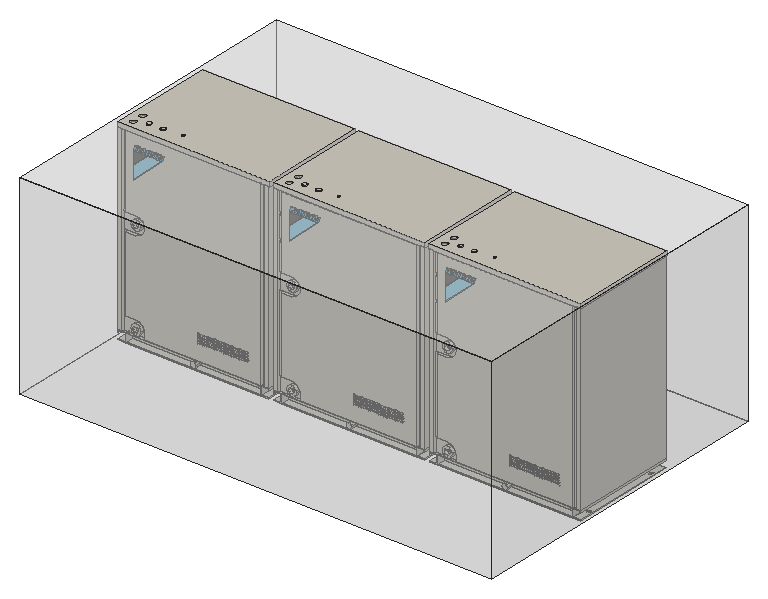
Revit family "outputfile", category 機械設備, Revit 2024
Family settings
  丸型コネクタ寸法 = 半径を使用
  種別 = なし
  パーツ タイプ = 標準
  OmniClass 番号 = 23.75.10.24.21.27.27
  OmniClass タイトル = Split System Air Conditioning Units
  作業面ベース = いいえ
  常に垂直 = はい
  ロード時にボイドで切り取り = いいえ
  注釈の向きを維持 = いいえ
  共有 = いいえ
  部屋計算ポイント = いいえ
Parameters (values of type "RWEYQ28TY1S")
  製造元 = "Daikin"
  書き出し IFC クラス(タイプ) = "IfcUnitaryEquipmentType"
  定義済み IFC タイプ(タイプ) = "AIRCONDITIONINGUNIT"
  モデル = "RWEYQ28TY1S"
  w_unit3 = 780.0 mm
  w_unit2 = 780.0 mm
  w_unit1 = 780.0 mm
  switch_unit3_6-8 [instance] = if(Reverse_ModuleSequence, if(default_unit1 = 1, 1 = 1, 1 = 0), if(default_unit3 = 1, 1 = 1, 1 = 0))  # yes
  switch_unit3_12 [instance] = if(Reverse_ModuleSequence, if(default_unit1 = 3, 1 = 1, 1 = 0), if(default_unit3 = 3, 1 = 1, 1 = 0))  # no
  switch_unit3_10 [instance] = if(Reverse_ModuleSequence, if(default_unit1 = 2, 1 = 1, 1 = 0), if(default_unit3 = 2, 1 = 1, 1 = 0))  # no
  switch_unit2_6-8 [instance] = if(default_unit2 = 1, 1 = 1, 1 = 0)  # no
  switch_unit2_12 [instance] = if(default_unit2 = 3, 1 = 1, 1 = 0)  # no
  switch_unit2_10 [instance] = if(default_unit2 = 2, 1 = 1, 1 = 0)  # yes
  switch_unit1_6-8 [instance] = if(Reverse_ModuleSequence, if(default_unit3 = 1, 1 = 1, 1 = 0), if(default_unit1 = 1, 1 = 1, 1 = 0))  # no
  switch_unit1_12 [instance] = if(Reverse_ModuleSequence, if(default_unit3 = 3, 1 = 1, 1 = 0), if(default_unit1 = 3, 1 = 1, 1 = 0))  # no
  switch_unit1_10 [instance] = if(Reverse_ModuleSequence, if(default_unit3 = 2, 1 = 1, 1 = 0), if(default_unit1 = 2, 1 = 1, 1 = 0))  # yes
  default_Water Outlet Pipe Connection_Unit 3 = 31.8 mm
  default_Water Outlet Pipe Connection_Unit 2 = 31.8 mm
  default_Water Outlet Pipe Connection_Unit 1 = 31.8 mm
  default_Water Inlet Pipe Connection_Unit 3 = 31.8 mm
  default_Water Inlet Pipe Connection_Unit 2 = 31.8 mm
  default_Water Inlet Pipe Connection_Unit 1 = 31.8 mm
  angle_Drain [instance] = if(Rear Connection_Drain, 180.00°, 0.00°)  # 0.00°
  r_Water Outlet Pipe Connection_unit3 [instance] = Water Outlet Pipe Connection_Unit3 / 2  # 15.9 mm
  r_Water Outlet Pipe Connection_unit2 [instance] = Water Outlet Pipe Connection_Unit2 / 2  # 15.9 mm
  r_Water Outlet Pipe Connection_unit1 [instance] = Water Outlet Pipe Connection_Unit1 / 2  # 15.9 mm
  r_Water Inlet Pipe Connection_unit3 [instance] = Water Inlet Pipe Connection_Unit3 / 2  # 15.9 mm
  r_Water Inlet Pipe Connection_unit2 [instance] = Water Inlet Pipe Connection_Unit2 / 2  # 15.9 mm
  r_Water Inlet Pipe Connection_unit1 [instance] = Water Inlet Pipe Connection_Unit1 / 2  # 15.9 mm
  r_Liquid Pipe Size_unit3 [instance] = Liquid Pipe Size_Unit 3 / 2  # 4.75 mm
  r_Liquid Pipe Size_unit2 [instance] = Liquid Pipe Size_Unit 2 / 2  # 4.75 mm
  r_HP/LP Gas Pipe Size_unit3 [instance] = [HP/LP Gas Pipe Size_Unit 3] / 2  # 9.55 mm
  r_HP/LP Gas Pipe Size_unit2 [instance] = [HP/LP Gas Pipe Size_Unit 2] / 2  # 11.1 mm
  r_HP/LP Gas Pipe Size_unit1 [instance] = [HP/LP Gas Pipe Size_Unit 1] / 2  # 11.1 mm
  r_Gas Pipe Size_unit3 [instance] = Gas Pipe Size_Unit 3 / 2  # 9.55 mm
  r_Gas Pipe Size_unit2 [instance] = Gas Pipe Size_Unit 2 / 2  # 11.1 mm
  r_Drain Pipe Size = Drain Pipe Size / 2  # 6.35 mm
  lw_powersupply3 = 51.0 mm
  lw_powersupply2 = 51.0 mm
  lw_liquidpipe3 = 274.0 mm
  lw_liquidpipe2 = 274.0 mm
  lw_gaspipe3 [instance] = if(Heat Pump, 107.0 mm, 178.0 mm)  # 107.0 mm
  lw_gaspipe2 [instance] = if(Heat Pump, 107.0 mm, 178.0 mm)  # 107.0 mm
  lw_Water Outlet3 = 95.0 mm
  lw_Water Outlet2 = 95.0 mm
  lw_Water Outlet1 = 95.0 mm
  lw_Water Inlet3 = 95.0 mm
  lw_Water Inlet2 = 95.0 mm
  lw_Water Inlet1 = 95.0 mm
  lw_HP/LP Gas Pipe3 [instance] = if(Heat Pump, 178.0 mm, 107.0 mm)  # 178.0 mm
  lw_HP/LP Gas Pipe2 [instance] = if(Heat Pump, 178.0 mm, 107.0 mm)  # 178.0 mm
  lw_HP/LP Gas Pipe1 [instance] = if(Heat Pump, 178.0 mm, 107.0 mm)  # 178.0 mm
  lw_Drain3 = 390.0 mm
  lw_Drain2 = 390.0 mm
  lw_Drain1 = 390.0 mm
  ld_HP/LP Gas Pipe = 69.0 mm
  h_mountinghole = [h_***] + 2.3 mm  # 2.3 mm
  r_Liquid Pipe Size_unit1 [instance] = Liquid Pipe Size_Unit 1 / 2  # 4.75 mm
  r_Gas Pipe Size_unit1 [instance] = Gas Pipe Size_Unit 1 / 2  # 11.1 mm
  distance_unit2-3 [instance] = 20.0 mm
  distance_unit1-2 [instance] = 20.0 mm
  default_unit3 = 1
  default_unit2 = 2
  default_unit1 = 2
  default_Model_Unit 3 = "RWEYQ8TY1S"
  default_Model_Unit 2 = "RWEYQ10TY1S"
  default_Model_Unit 1 = "RWEYQ10TY1S"
  default_Liquid Pipe Size_Unit 3 = 9.5 mm
  default_Liquid Pipe Size_Unit 2 = 9.5 mm
  default_Liquid Pipe Size_Unit 1 = 9.5 mm
  default_HP/LP Gas Pipe Size_Unit 3 [instance] = if(and(Heat Pump, [switch_unit3_6-8]), 19.1 mm, if(and(Heat Pump, switch_unit3_10), 22.2 mm, if(and(Heat Pump, switch_unit3_12), 22.2 mm, if(and(Heat Recovery, [switch_unit3_6-8]), 15.9 mm, if(and(Heat Recovery, switch_unit3_10), 19.1 mm, if(and(Heat Recovery, switch_unit3_12), 19.1 mm, 19.1 mm))))))  # 19.1 mm
  default_HP/LP Gas Pipe Size_Unit 2 [instance] = if(and(Heat Pump, [switch_unit2_6-8]), 19.1 mm, if(and(Heat Pump, switch_unit2_10), 22.2 mm, if(and(Heat Pump, switch_unit2_12), 22.2 mm, if(and(Heat Recovery, [switch_unit2_6-8]), 15.9 mm, if(and(Heat Recovery, switch_unit2_10), 19.1 mm, if(and(Heat Recovery, switch_unit2_12), 19.1 mm, 19.1 mm))))))  # 22.2 mm
  default_HP/LP Gas Pipe Size_Unit 1 [instance] = if(and(Heat Pump, [switch_unit1_6-8]), 19.1 mm, if(and(Heat Pump, switch_unit1_10), 22.2 mm, if(and(Heat Pump, switch_unit1_12), 22.2 mm, if(and(Heat Recovery, [switch_unit1_6-8]), 15.9 mm, if(and(Heat Recovery, switch_unit1_10), 19.1 mm, if(and(Heat Recovery, switch_unit1_12), 19.1 mm, 19.1 mm))))))  # 22.2 mm
  default_Gas Pipe Size_Unit 3 = 19.1 mm
  default_Gas Pipe Size_Unit 2 = 22.2 mm
  default_Gas Pipe Size_Unit 1 = 22.2 mm
  Water Outlet Pipe Connection_Unit3 [instance] = if(Reverse_ModuleSequence, default_Water Outlet Pipe Connection_Unit 1, default_Water Outlet Pipe Connection_Unit 3)  # 31.8 mm
  Water Outlet Pipe Connection_Unit2 [instance] = if(Reverse_ModuleSequence, default_Water Inlet Pipe Connection_Unit 2, default_Water Inlet Pipe Connection_Unit 2)  # 31.8 mm
  Water Outlet Pipe Connection_Unit1 [instance] = if(Reverse_ModuleSequence, default_Water Outlet Pipe Connection_Unit 3, default_Water Outlet Pipe Connection_Unit 1)  # 31.8 mm
  Water Inlet Pipe Connection_Unit3 [instance] = if(Reverse_ModuleSequence, default_Water Inlet Pipe Connection_Unit 1, default_Water Inlet Pipe Connection_Unit 3)  # 31.8 mm
  Water Inlet Pipe Connection_Unit2 [instance] = if(Reverse_ModuleSequence, default_Water Outlet Pipe Connection_Unit 2, default_Water Outlet Pipe Connection_Unit 2)  # 31.8 mm
  Water Inlet Pipe Connection_Unit1 [instance] = if(Reverse_ModuleSequence, default_Water Inlet Pipe Connection_Unit 3, default_Water Inlet Pipe Connection_Unit 1)  # 31.8 mm
  Voltage_comment_50Hz = "380-415"
  Voltage_50Hz = 400 V
  Top Connection_powersupply2 [instance] = not(Top Connection_powersupply1)  # no
  Sound Power Level (dB) = 76
  Reverse_ModuleSequence [instance] = no
  Rear Connection_Drain [instance] = not(Front Connection_Drain)  # no
  Power Input (Heating) = 15.200 kW
  Phase_50Hz = 3
  Nominal Heating Capacity = 88.000 kW
  Model_Unit 3 [instance] = if(Reverse_ModuleSequence, default_Model_Unit 1, default_Model_Unit 3)  # "RWEYQ8TY1S"
  Model_Unit 2 [instance] = if(Reverse_ModuleSequence, default_Model_Unit 2, default_Model_Unit 2)  # "RWEYQ10TY1S"
  Model_Unit 1 [instance] = if(Reverse_ModuleSequence, default_Model_Unit 3, default_Model_Unit 1)  # "RWEYQ10TY1S"
  Minimum Circuit Amps_50Hz = 40.9 A
  Maximum Fuse Amps_50Hz = 45.0 A
  Material_Heat Exchanger = DAIKIN_Blue_HE_outdoorunit
  Material_Casing = DAIKIN_IvoryWhite_Casing_outdoorunit
  lw_powersupply1 = 51.0 mm
  lw_liquidpipe1 = 274.0 mm
  lw_gaspipe1 [instance] = if(Heat Pump, 107.0 mm, 178.0 mm)  # 107.0 mm
  lh_powersupply = 940.0 mm
  ld_powersupply [instance] = if(Top Connection_powersupply1, 38.0 mm, 98.0 mm)  # 38.0 mm
  ld_liquidpipe = 79.0 mm
  ld_gaspipe = 69.0 mm
  h_*** = 0.0 mm
  Width [instance] = [distance_unit1-2] + [distance_unit2-3] + w_unit1 + w_unit2 + w_unit3  # 2380.0 mm
  Version = "ver.1.0"
  Unit Type = ""
  Unit Mass Weight = 440.00 kg
  Unit Designation [instance] = ""
  Uniclass2015Version = "Products v1.30"
  Uniclass2015Title = "Variable refrigerant flow units"
  Uniclass2015Code = "Pr_70_65_03_94"
  Total Cooling Capacity [instance] = 0.000 kW
  Sound Pressure Level (dBA) = 56
  Series = "VRV Heat Recovery"
  Refrigerant_Base Charge = 11.900 kg
  Refrigerant_Additional Charge [instance] = 0.000 kg
  Refrigerant Type = "R410A"
  Power Input (Cooling) = 14.700 kW
  Option Accessory 3 [instance] = ""
  Option Accessory 2 [instance] = ""
  Option Accessory 1 [instance] = ""
  Nominal Cooling Capacity = 78.400 kW
  Load Classification = HVAC
  Liquid Pipe Size_Unit 3 [instance] = if(Reverse_ModuleSequence, default_Liquid Pipe Size_Unit 1, default_Liquid Pipe Size_Unit 3)  # 9.5 mm
  Liquid Pipe Size_Unit 2 [instance] = if(Reverse_ModuleSequence, default_Liquid Pipe Size_Unit 2, default_Liquid Pipe Size_Unit 2)  # 9.5 mm
  Liquid Pipe Size_Unit 1 [instance] = if(Reverse_ModuleSequence, default_Liquid Pipe Size_Unit 3, default_Liquid Pipe Size_Unit 1)  # 9.5 mm
  Link_Nested Family [instance] = ""
  Intermediate Liquid Pipe Size_Unit1-2 = 15.9 mm
  Intermediate HP/LP Gas Pipe Size_Unit1-2 = 22.2 mm
  Intermediate Gas Pipe Size_Unit1-2 = 28.6 mm
  IfcVersion = ""
  IfcExportType = "AIRCONDITIONINGUNIT"
  IfcExportAs = "IfcUnitaryEquipmentType"
  Height = 1000.0 mm
  Heat Recovery [instance] = not(Heat Pump)  # no
  Heat Pump [instance] = yes
  Heat Exchanger Type = "Stainless Steel Plate"
  HP/LP Gas Pipe Size_Unit 3 [instance] = [default_HP/LP Gas Pipe Size_Unit 3]  # 19.1 mm
  HP/LP Gas Pipe Size_Unit 2 [instance] = [default_HP/LP Gas Pipe Size_Unit 2]  # 22.2 mm
  HP/LP Gas Pipe Size_Unit 1 [instance] = [default_HP/LP Gas Pipe Size_Unit 1]  # 22.2 mm
  Gas Pipe Size_Unit 3 [instance] = if(Reverse_ModuleSequence, default_Gas Pipe Size_Unit 1, default_Gas Pipe Size_Unit 3)  # 19.1 mm
  Gas Pipe Size_Unit 2 [instance] = if(Reverse_ModuleSequence, default_Gas Pipe Size_Unit 2, default_Gas Pipe Size_Unit 2)  # 22.2 mm
  Gas Pipe Size_Unit 1 [instance] = if(Reverse_ModuleSequence, default_Gas Pipe Size_Unit 3, default_Gas Pipe Size_Unit 1)  # 22.2 mm
  Top Connection_powersupply1 [instance] = yes
  Front Connection_Drain [instance] = yes
  Frequency_50Hz = 50 Hz
  Drain Pipe Size = 12.7 mm
  Depth = 550.0 mm
  既定の高さ = 0.0 mm
  Cooling Ambient Wet Bulb Temperature [instance] = 0.00 °C
  Cooling Ambient Dry Bulb Temperature [instance] = 0.00 °C
  Compressor Type = "Hermetically Sealed Scroll Type"
  Clearance visibility [instance] = yes
  Clearance Top = 0.0 mm
  Clearance Right = 20.0 mm
  Clearance Rear = 500.0 mm
  Clearance Left = 20.0 mm
  Clearance Front = 600.0 mm
  Clearance Bottom = 0.0 mm
  CU Tag No. [instance] = ""
Reference planes
  plane 1 "Center (Front/Back)": y = 0
  plane 2 "h_***": z = 0
  plane 3 "Center (Left/Right)": x = 0
  plane 4 "Back": y = 275
  plane 5 "Front": y = -275
  plane 6 "Left": x = -390
  plane 7 "w_unit1": x = 390
  plane 8 "Top": z = 1000
  plane 9 "Clearance Rear": y = 775
  plane 10 "Clearance Front": y = -875
  plane 11 "Clearance Left": x = -410
  plane 12 "Clearance Right": x = 2010
  plane 13 "Clearance Top": z = 1000
  plane 14 "Clearance Bottom": z = 0
  plane 15 "Bottom": z = 0
  plane 16 "lw_powersupply1": x = -339
  plane 17 "ld_powersupply": y = -237
  plane 18 "lw_liquidpipe1": x = -116
  plane 19 "Rear Connection_refrigetant": y = -196
  plane 20 "lw_gaspipe1": x = -283
  plane 21 "ld_gaspipe": y = -206
  plane 22 "lh_logo": z = 900
  plane 23 "lw_logo": x = 100
  plane 24 "lh_powersupply": z = 940
  plane 25 "lw_HP/LP Gas Pipe1": x = -212
  plane 26 "ld_HP/LP Gas Pipe": y = -206
  plane 27 "l_unit2": x = 410
  plane 28 "w_unit2": x = 1190
  plane 29 "lw_powersupply2": x = 461
  plane 30 "lw_liquidpipe2": x = 684
  plane 31 "lw_gaspipe2": x = 517
  plane 32 "lw_HP/LP Gas Pipe2": x = 588
  plane 33 "Right": x = 1990
  plane 34 "叴": x = 1210
  plane 35 "叵": x = 1261
  plane 36 "叶": x = 1484
  plane 37 "号": x = 1317
  plane 38 "司": x = 1388
  plane 39 "lw_Water Inlet1": x = -295
  plane 40 "lw_Water Inlet2": x = 505
  plane 41 "lw_Water Inlet3": x = 1305
  plane 42 "lw_Water Outlet1": x = -295
  plane 43 "lw_Water Outlet2": x = 505
  plane 44 "lw_Water Outlet3": x = 1305
  plane 45 "lw_Drain1": x = 0
  plane 46 "lw_Drain2": x = 800
  plane 47 "lw_Drain3": x = 1600
Dimensions and locks
  equal spacing: plane 4 "Back", plane 1 "Center (Front/Back)", plane 5 "Front"
  "Depth": plane 4 "Back" to plane 5 "Front"
  equal spacing: plane 6 "Left", plane 3 "Center (Left/Right)", plane 7 "w_unit1"
  "w_unit1": plane 6 "Left" to plane 7 "w_unit1"
  "Clearance Rear": plane 9 "Clearance Rear" to plane 4 "Back"
  "Clearance Front": plane 10 "Clearance Front" to plane 5 "Front"
  "Clearance Left": plane 11 "Clearance Left" to plane 6 "Left"
  "Clearance Top": plane 13 "Clearance Top" to plane 8 "Top"
  "h_***": plane 15 "Bottom" to plane 2 "h_***"
  "Height": plane 8 "Top" to plane 15 "Bottom"
  "Clearance Bottom": plane 15 "Bottom" to plane 14 "Clearance Bottom"
  "ld_powersupply": plane 17 "ld_powersupply" to plane 5 "Front"
  "ld_liquidpipe": plane 19 "Rear Connection_refrigetant" to plane 5 "Front"
  "ld_gaspipe": plane 21 "ld_gaspipe" to plane 5 "Front"
  locked: plane 23 "lw_logo" to plane 7 "w_unit1" at 290
  locked: plane 22 "lh_logo" to plane 15 "Bottom" at 900
  "lw_gaspipe1": plane 6 "Left" to plane 20 "lw_gaspipe1"
  "lw_liquidpipe1": plane 6 "Left" to plane 18 "lw_liquidpipe1"
  "lw_powersupply1": plane 6 "Left" to plane 16 "lw_powersupply1"
  "lh_powersupply": plane 24 "lh_powersupply" to plane 15 "Bottom"
  "lw_HP/LP Gas Pipe1": plane 6 "Left" to plane 25 "lw_HP/LP Gas Pipe1"
  "ld_HP/LP Gas Pipe": plane 26 "ld_HP/LP Gas Pipe" to plane 5 "Front"
  "distance_unit1-2": plane 7 "w_unit1" to plane 27 "l_unit2"
  "lw_powersupply2": plane 27 "l_unit2" to plane 29 "lw_powersupply2"
  "lw_HP/LP Gas Pipe2": plane 27 "l_unit2" to plane 32 "lw_HP/LP Gas Pipe2"
  "lw_gaspipe2": plane 27 "l_unit2" to plane 31 "lw_gaspipe2"
  "lw_liquidpipe2": plane 27 "l_unit2" to plane 30 "lw_liquidpipe2"
  "w_unit2": plane 27 "l_unit2" to plane 28 "w_unit2"
  "distance_unit2-3": plane 28 "w_unit2" to plane 34 "叴"
  "Width": plane 6 "Left" to plane 33 "Right"
  "Clearance Right": plane 33 "Right" to plane 12 "Clearance Right"
  "lw_powersupply3": plane 34 "叴" to plane 35 "叵"
  "lw_HP/LP Gas Pipe3": plane 34 "叴" to plane 38 "司"
  "lw_gaspipe3": plane 34 "叴" to plane 37 "号"
  "lw_liquidpipe3": plane 34 "叴" to plane 36 "叶"
  "lw_Water Inlet1": plane 6 "Left" to plane 39 "lw_Water Inlet1"
  "lw_Water Inlet2": plane 27 "l_unit2" to plane 40 "lw_Water Inlet2"
  "lw_Water Inlet3": plane 34 "叴" to plane 41 "lw_Water Inlet3"
  "lw_Water Outlet1": plane 6 "Left" to plane 42 "lw_Water Outlet1"
  "lw_Water Outlet2": plane 27 "l_unit2" to plane 43 "lw_Water Outlet2"
  "lw_Water Outlet3": plane 34 "叴" to plane 44 "lw_Water Outlet3"
  "lw_Drain1": plane 6 "Left" to plane 45 "lw_Drain1"
  "lw_Drain2": plane 27 "l_unit2" to plane 46 "lw_Drain2"
  "lw_Drain3": plane 34 "叴" to plane 47 "lw_Drain3"
  aligned and locked: level to plane 2 "h_***"
  aligned and locked: nested 2 to plane 9 "Clearance Rear"
  aligned and locked: nested 2 to plane 10 "Clearance Front"
  aligned and locked: plane 11 "Clearance Left" to nested 2
  aligned and locked: plane 12 "Clearance Right" to nested 2
  aligned and locked: nested 2 to plane 13 "Clearance Top"
  aligned and locked: nested 2 to plane 14 "Clearance Bottom"
  aligned and locked: plane 8 "Top" to nested 1
  aligned and locked: plane 22 "lh_logo" to nested 7
  aligned and locked: nested 8 to plane 16 "lw_powersupply1"
  aligned and locked: nested 9 to plane 20 "lw_gaspipe1"
  aligned and locked: nested 10 to plane 18 "lw_liquidpipe1"
  aligned and locked: nested 10 to plane 19 "Rear Connection_refrigetant"
  aligned and locked: nested 9 to plane 21 "ld_gaspipe"
  aligned and locked: nested 8 to plane 17 "ld_powersupply"
  aligned and locked: plane 5 "Front" to nested 7
  aligned and locked: plane 24 "lh_powersupply" to nested 8
  aligned and locked: plane 27 "l_unit2" to nested 11
  aligned and locked: nested 17 to plane 29 "lw_powersupply2"
  aligned and locked: nested 17 to plane 17 "ld_powersupply"
  aligned and locked: nested 18 to plane 31 "lw_gaspipe2"
  aligned and locked: nested 18 to plane 26 "ld_HP/LP Gas Pipe"
  aligned and locked: plane 1 "Center (Front/Back)" to nested 20
  aligned and locked: plane 34 "叴" to nested 20
  aligned and locked: nested 27 to plane 35 "叵"
  aligned and locked: nested 28 to plane 37 "号"
  aligned and locked: nested 26 to plane 36 "叶"
  aligned and locked: plane 17 "ld_powersupply" to nested 27
  aligned and locked: plane 21 "ld_gaspipe" to nested 28
  aligned and locked: plane 19 "Rear Connection_refrigetant" to nested 26
  aligned and locked: nested 27 to plane 24 "lh_powersupply"
  aligned and locked: plane 39 "lw_Water Inlet1" to nested 29
  aligned and locked: plane 40 "lw_Water Inlet2" to nested 30
  aligned and locked: plane 41 "lw_Water Inlet3" to nested 31
  aligned and locked: plane 42 "lw_Water Outlet1" to nested 32
  aligned and locked: plane 43 "lw_Water Outlet2" to nested 33
  aligned and locked: plane 44 "lw_Water Outlet3" to nested 34
  aligned and locked: plane 45 "lw_Drain1" to nested 35
  aligned and locked: plane 46 "lw_Drain2" to nested 36
  aligned and locked: plane 47 "lw_Drain3" to nested 37
  aligned and locked: plane 1 "Center (Front/Back)" to nested 29
  aligned and locked: plane 1 "Center (Front/Back)" to nested 32
  aligned and locked: plane 1 "Center (Front/Back)" to nested 31
  aligned and locked: plane 1 "Center (Front/Back)" to nested 30
  aligned and locked: plane 1 "Center (Front/Back)" to nested 33
  aligned and locked: plane 1 "Center (Front/Back)" to nested 35
  aligned and locked: plane 1 "Center (Front/Back)" to nested 34
  aligned and locked: plane 1 "Center (Front/Back)" to nested 37
  aligned and locked: plane 1 "Center (Front/Back)" to nested 36
  aligned and locked: plane 25 "lw_HP/LP Gas Pipe1" to nested 38
  aligned and locked: plane 32 "lw_HP/LP Gas Pipe2" to nested 39
  aligned and locked: plane 38 "司" to nested 40
  aligned and locked: nested 38 to plane 26 "ld_HP/LP Gas Pipe"
  aligned and locked: nested 39 to plane 26 "ld_HP/LP Gas Pipe"
  aligned and locked: plane 26 "ld_HP/LP Gas Pipe" to nested 40
Nested families
  nested 1: "DAIKIN_outdoorunit_RWEYQ-TY1S" at (-31, 0, 0), h_*** <- "h_***", Link_Nest <- "Link_Nested Family", h_mountinghole <- "h_mountinghole", Width <- "w_unit1", switch_unit1_6-8 <- "switch_unit1_6-8", switch_unit1_10 <- "switch_unit1_10", switch_unit1_12 <- "switch_unit1_12", type "RWEYQ-TY1S"
    with switch_unit1_6-8 no, switch_unit1_12 no, switch_unit1_10 yes, show_fixedhole yes, h_mountinghole 2.3 mm, h_antenna_mountinghole 998.7 mm, h_*** 0.0 mm, array_bolt 5, Width 780.0 mm, Liquid Pipe Size_Unit 1 9.5 mm, Link_Nest "", HP/LP Pipe Size_Unit 1 22.2 mm, Gas Pipe Size_Unit 1 22.2 mm
  nested 2: "daikin_clearancespace" at (800, -50, 500.119), visible <- "Clearance visibility", show <- "Clearance visibility", Link_Nested Family <- "Link_Nested Family", type "daikin_clearancespace"
    with width 2420.0 mm, show yes, height 1000.0 mm, depth 1650.0 mm, Link_Nested Family ""
  nested 3: "daikin_mountinghole" at (-372, 200, 0), type "daikin_mountinghole"
    with show yes, l_antenna 998.7 mm, h_mountinghole 2.3 mm, Link_Nested Family ""
  nested 4: "daikin_mountinghole" at (372, 200, 0), type "daikin_mountinghole"
    with show yes, l_antenna 998.7 mm, h_mountinghole 2.3 mm, Link_Nested Family ""
  nested 5: "daikin_mountinghole" at (-372, -200, 0), type "daikin_mountinghole"
    with show yes, l_antenna 998.7 mm, h_mountinghole 2.3 mm, Link_Nested Family ""
  nested 6: "daikin_mountinghole" at (372, -200, 0), type "daikin_mountinghole"
    with show yes, l_antenna 998.7 mm, h_mountinghole 2.3 mm, Link_Nested Family ""
  nested 7: "daikin_logo_elevation_w150" at (-212.5, -275, 744.568), type "daikin_logo_elevation_w150"
    with show_logo yes
  nested 8: "daikin_connector_rotate3" at (-339, -237, 940) x (-1, 0, 0) z (0, 0, -1), type "daikin_connector_rotate3"
    with show no, radius 10.0 mm, length 60.0 mm, angle_vertical 0.00°, angle_horizontal 0.00°
  nested 9: "daikin_connector_rotate3" at (-283, -206, 940) x (-1, 0, 0) z (0, 0, -1), radius <- "r_Gas Pipe Size_unit1", type "daikin_connector_rotate3"
    with show no, radius 11.1 mm, length 60.0 mm, angle_vertical 0.00°, angle_horizontal 0.00°
  nested 10: "daikin_connector_rotate3" at (-116, -196, 940) x (-1, 0, 0) z (0, 0, -1), radius <- "r_Liquid Pipe Size_unit1", type "daikin_connector_rotate3"
    with show no, radius 4.75 mm, length 60.0 mm, angle_vertical 0.00°, angle_horizontal 0.00°
  nested 11: "DAIKIN_outdoorunit_RWEYQ-TY1S" at (769, 0, 0), Width <- "w_unit2", switch_unit1_6-8 <- "switch_unit2_6-8", switch_unit1_10 <- "switch_unit2_10", switch_unit1_12 <- "switch_unit2_12", type "RWEYQ-TY1S"
    with switch_unit1_6-8 no, switch_unit1_12 no, switch_unit1_10 yes, show_fixedhole yes, h_mountinghole 2.3 mm, h_antenna_mountinghole 998.7 mm, h_*** 0.0 mm, array_bolt 5, Width 780.0 mm, Liquid Pipe Size_Unit 1 9.5 mm, Link_Nest "", HP/LP Pipe Size_Unit 1 22.2 mm, Gas Pipe Size_Unit 1 22.2 mm
  nested 12: "daikin_mountinghole" at (428, 200, 0), type "daikin_mountinghole"
    with show yes, l_antenna 998.7 mm, h_mountinghole 2.3 mm, Link_Nested Family ""
  nested 13: "daikin_mountinghole" at (1172, 200, 0), type "daikin_mountinghole"
    with show yes, l_antenna 998.7 mm, h_mountinghole 2.3 mm, Link_Nested Family ""
  nested 14: "daikin_mountinghole" at (428, -200, 0), type "daikin_mountinghole"
    with show yes, l_antenna 998.7 mm, h_mountinghole 2.3 mm, Link_Nested Family ""
  nested 15: "daikin_mountinghole" at (1172, -200, 0), type "daikin_mountinghole"
    with show yes, l_antenna 998.7 mm, h_mountinghole 2.3 mm, Link_Nested Family ""
  nested 16: "daikin_connector_rotate3" at (684, -196, 940) x (-1, 0, 0) z (0, 0, -1), radius <- "r_Liquid Pipe Size_unit2", type "daikin_connector_rotate3"
    with show no, radius 4.75 mm, length 60.0 mm, angle_vertical 0.00°, angle_horizontal 0.00°
  nested 17: "daikin_connector_rotate3" at (461, -237, 940) x (-1, 0, 0) z (0, 0, -1), type "daikin_connector_rotate3"
    with show no, radius 10.0 mm, length 60.0 mm, angle_vertical 0.00°, angle_horizontal 0.00°
  nested 18: "daikin_connector_rotate3" at (517, -206, 940) x (-1, 0, 0) z (0, 0, -1), radius <- "r_Gas Pipe Size_unit2", type "daikin_connector_rotate3"
    with show no, radius 11.1 mm, length 60.0 mm, angle_vertical 0.00°, angle_horizontal 0.00°
  nested 19: "daikin_logo_elevation_w150" at (587.5, -275, 744.568), type "daikin_logo_elevation_w150"
    with show_logo yes
  nested 20: "DAIKIN_outdoorunit_RWEYQ-TY1S" at (1569, 0, 0), switch_unit1_6-8 <- "switch_unit3_6-8", switch_unit1_10 <- "switch_unit3_10", switch_unit1_12 <- "switch_unit3_12", Width <- "w_unit3", type "RWEYQ-TY1S"
    with switch_unit1_6-8 yes, switch_unit1_12 no, switch_unit1_10 no, show_fixedhole yes, h_mountinghole 2.3 mm, h_antenna_mountinghole 998.7 mm, h_*** 0.0 mm, array_bolt 5, Width 780.0 mm, Liquid Pipe Size_Unit 1 9.5 mm, Link_Nest "", HP/LP Pipe Size_Unit 1 19.1 mm, Gas Pipe Size_Unit 1 19.1 mm
  nested 21: "daikin_mountinghole" at (1228, 200, 0), type "daikin_mountinghole"
    with show yes, l_antenna 998.7 mm, h_mountinghole 2.3 mm, Link_Nested Family ""
  nested 22: "daikin_mountinghole" at (1972, 200, 0), type "daikin_mountinghole"
    with show yes, l_antenna 998.7 mm, h_mountinghole 2.3 mm, Link_Nested Family ""
  nested 23: "daikin_mountinghole" at (1228, -200, 0), type "daikin_mountinghole"
    with show yes, l_antenna 998.7 mm, h_mountinghole 2.3 mm, Link_Nested Family ""
  nested 24: "daikin_mountinghole" at (1972, -200, 0), type "daikin_mountinghole"
    with show yes, l_antenna 998.7 mm, h_mountinghole 2.3 mm, Link_Nested Family ""
  nested 25: "daikin_logo_elevation_w150" at (1387.5, -275, 744.568), type "daikin_logo_elevation_w150"
    with show_logo yes
  nested 26: "daikin_connector_rotate3" at (1484, -196, 940) x (-1, 0, 0) z (0, 0, -1), radius <- "r_Liquid Pipe Size_unit3", type "daikin_connector_rotate3"
    with show no, radius 4.75 mm, length 60.0 mm, angle_vertical 0.00°, angle_horizontal 0.00°
  nested 27: "daikin_connector_rotate3" at (1261, -237, 940) x (-1, 0, 0) z (0, 0, -1), type "daikin_connector_rotate3"
    with show no, radius 10.0 mm, length 60.0 mm, angle_vertical 0.00°, angle_horizontal 0.00°
  nested 28: "daikin_connector_rotate3" at (1317, -206, 940) x (-1, 0, 0) z (0, 0, -1), radius <- "r_Gas Pipe Size_unit3", type "daikin_connector_rotate3"
    with show no, radius 9.55 mm, length 60.0 mm, angle_vertical 0.00°, angle_horizontal 0.00°
  nested 29: "daikin_connector_rotate3" at (-295, 0, 76), radius <- "r_Water Inlet Pipe Connection_unit1", type "daikin_connector_rotate3"
    with show no, radius 15.9 mm, length 275.0 mm, angle_vertical 90.00°, angle_horizontal 0.00°
  nested 30: "daikin_connector_rotate3" at (505, 0, 76), radius <- "r_Water Inlet Pipe Connection_unit2", type "daikin_connector_rotate3"
    with show no, radius 15.9 mm, length 275.0 mm, angle_vertical 90.00°, angle_horizontal 0.00°
  nested 31: "daikin_connector_rotate3" at (1305, 0, 76), radius <- "r_Water Inlet Pipe Connection_unit3", type "daikin_connector_rotate3"
    with show no, radius 15.9 mm, length 275.0 mm, angle_vertical 90.00°, angle_horizontal 0.00°
  nested 32: "daikin_connector_rotate3" at (-295, 0, 556), radius <- "r_Water Outlet Pipe Connection_unit1", type "daikin_connector_rotate3"
    with show no, radius 15.9 mm, length 275.0 mm, angle_vertical 90.00°, angle_horizontal 0.00°
  nested 33: "daikin_connector_rotate3" at (505, 0, 556), radius <- "r_Water Outlet Pipe Connection_unit2", type "daikin_connector_rotate3"
    with show no, radius 15.9 mm, length 275.0 mm, angle_vertical 90.00°, angle_horizontal 0.00°
  nested 34: "daikin_connector_rotate3" at (1305, 0, 556), radius <- "r_Water Outlet Pipe Connection_unit3", type "daikin_connector_rotate3"
    with show no, radius 15.9 mm, length 275.0 mm, angle_vertical 90.00°, angle_horizontal 0.00°
  nested 35: "daikin_connector_rotate3" at (0, 0, 19), angle_horizontal <- "angle_Drain", radius <- "r_Drain Pipe Size", type "daikin_connector_rotate3"
    with show no, radius 6.35 mm, length 275.0 mm, angle_vertical 90.00°, angle_horizontal 0.00°
  nested 36: "daikin_connector_rotate3" at (800, 0, 19), angle_horizontal <- "angle_Drain", radius <- "r_Drain Pipe Size", type "daikin_connector_rotate3"
    with show no, radius 6.35 mm, length 275.0 mm, angle_vertical 90.00°, angle_horizontal 0.00°
  nested 37: "daikin_connector_rotate3" at (1600, 0, 19), angle_horizontal <- "angle_Drain", radius <- "r_Drain Pipe Size", type "daikin_connector_rotate3"
    with show no, radius 6.35 mm, length 275.0 mm, angle_vertical 90.00°, angle_horizontal 0.00°
  nested 38: "daikin_connector_rotate3" at (-212, -206, 940) x (1, 0, 0) z (0, 0, -1), radius <- "r_HP/LP Gas Pipe Size_unit1", type "daikin_connector_rotate3"
    with show no, radius 11.1 mm, length 60.0 mm, angle_vertical 0.00°, angle_horizontal 0.00°
  nested 39: "daikin_connector_rotate3" at (588, -206, 940) x (1, 0, 0) z (0, 0, -1), radius <- "r_HP/LP Gas Pipe Size_unit2", type "daikin_connector_rotate3"
    with show no, radius 11.1 mm, length 60.0 mm, angle_vertical 0.00°, angle_horizontal 0.00°
  nested 40: "daikin_connector_rotate3" at (1388, -206, 940) x (1, 0, 0) z (0, 0, -1), radius <- "r_HP/LP Gas Pipe Size_unit3", type "daikin_connector_rotate3"
    with show no, radius 9.55 mm, length 60.0 mm, angle_vertical 0.00°, angle_horizontal 0.00°
Connectors
  piping at (-116, -196, 1000), diameter 9.5, driven by "r_Liquid Pipe Size_unit1"
    settings: on nested 10, index 12, connector inside diameter 609.6 mm, connector length 0.0 mm, flow factor 0, pipe flow 0.00 m³/h, pressure drop 0.0 Pa, fitting loss kfactor 0, connector angle 0.00°, fixture units 0, engagement length 0.0 mm, angle of deflection 0.00°, flow configuration 0, flow direction 2, fitting loss method 0, system type 29, joint type 0, gender type 0, connector reference index -1, connector utility 0, adjustable connector no, is connector primary no, connector description "Refrigerant Liquid Piping1"
  electrical at (-339, -237, 1000), driven by "Load Classification"
    settings: on nested 8, index 13, voltage 0 V, apparent load 0 VA, apparent load phase1 0 VA, apparent load phase2 0 VA, apparent load phase3 0 VA, power factor 1, load classification "HVAC", number of poles 1, system type 30, power factor state 1, is connector primary yes, connector utility no, sub classification motor no, connector description "Power Supply1"
  piping at (684, -196, 1000), diameter 9.5, driven by "r_Liquid Pipe Size_unit2"
    settings: on nested 16, index 15, connector inside diameter 609.6 mm, connector length 0.0 mm, flow factor 0, pipe flow 0.00 m³/h, pressure drop 0.0 Pa, fitting loss kfactor 0, connector angle 0.00°, fixture units 0, engagement length 0.0 mm, angle of deflection 0.00°, flow configuration 0, flow direction 2, fitting loss method 0, system type 29, joint type 0, gender type 0, connector reference index -1, connector utility 0, adjustable connector no, is connector primary no, connector description "Refrigerant Liquid Piping2"
  electrical at (461, -237, 1000), driven by "Load Classification"
    settings: on nested 17, index 17, voltage 0 V, apparent load 0 VA, apparent load phase1 0 VA, apparent load phase2 0 VA, apparent load phase3 0 VA, power factor 1, load classification "HVAC", number of poles 1, system type 30, power factor state 1, is connector primary no, connector utility no, sub classification motor no, connector description "Power Supply2"
  piping at (1484, -196, 1000), diameter 9.5, driven by "r_Liquid Pipe Size_unit3"
    settings: on nested 26, index 19, connector inside diameter 609.6 mm, connector length 0.0 mm, flow factor 0, pipe flow 0.00 m³/h, pressure drop 0.0 Pa, fitting loss kfactor 0, connector angle 0.00°, fixture units 0, engagement length 0.0 mm, angle of deflection 0.00°, flow configuration 0, flow direction 2, fitting loss method 0, system type 29, joint type 0, gender type 0, connector reference index -1, connector utility 0, adjustable connector no, is connector primary no, connector description "Refrigerant Liquid Piping3"
  piping at (1317, -206, 1000), diameter 19.1, driven by "r_Gas Pipe Size_unit3"
    settings: on nested 28, index 20, connector inside diameter 609.6 mm, connector length 0.0 mm, flow factor 0, pipe flow 0.00 m³/h, pressure drop 0.0 Pa, fitting loss kfactor 0, connector angle 0.00°, fixture units 0, engagement length 0.0 mm, angle of deflection 0.00°, flow configuration 0, flow direction 1, fitting loss method 0, system type 29, joint type 0, gender type 0, connector reference index -1, connector utility 0, adjustable connector no, is connector primary no, connector description "Refrigerant Gas Piping3"
  electrical at (1261, -237, 1000), driven by "Load Classification"
    settings: on nested 27, index 21, voltage 0 V, apparent load 0 VA, apparent load phase1 0 VA, apparent load phase2 0 VA, apparent load phase3 0 VA, power factor 1, load classification "HVAC", number of poles 1, system type 30, power factor state 1, is connector primary no, connector utility no, sub classification motor no, connector description "Power Supply3"
  piping at (-295, -275, 556), diameter 31.8, driven by "r_Water Outlet Pipe Connection_unit1"
    settings: on nested 32, index 24, connector inside diameter 609.6 mm, connector length 0.0 mm, flow factor 0, pipe flow 0.00 m³/h, pressure drop 0.0 Pa, fitting loss kfactor 0, connector angle 0.00°, fixture units 0, engagement length 0.0 mm, angle of deflection 0.00°, flow configuration 1, flow direction 2, fitting loss method 0, system type 8, joint type 0, gender type 0, connector reference index -1, connector utility 0, adjustable connector no, is connector primary no, connector description "Cooling Water Outlet Piping 1"
  piping at (-295, -275, 76), diameter 31.8, driven by "r_Water Inlet Pipe Connection_unit1"
    settings: on nested 29, index 25, connector inside diameter 609.6 mm, connector length 0.0 mm, flow factor 0, pipe flow 0.00 m³/h, pressure drop 0.0 Pa, fitting loss kfactor 0, connector angle 0.00°, fixture units 0, engagement length 0.0 mm, angle of deflection 0.00°, flow configuration 1, flow direction 1, fitting loss method 0, system type 7, joint type 0, gender type 0, connector reference index -1, connector utility 0, adjustable connector no, is connector primary no, connector description "Cooling Water Inlet  Piping 1"
  piping at (0, -275, 19), diameter 12.7, driven by "r_Drain Pipe Size"
    settings: on nested 35, index 26, connector inside diameter 609.6 mm, connector length 0.0 mm, flow factor 0, pipe flow 0.00 m³/h, pressure drop 0.0 Pa, fitting loss kfactor 0, connector angle 0.00°, fixture units 0, engagement length 0.0 mm, angle of deflection 0.00°, flow configuration 1, flow direction 2, fitting loss method 4, system type 16, joint type 0, gender type 0, connector reference index -1, connector utility 0, adjustable connector no, is connector primary no, connector description "Condensate Drain Piping 1"
  piping at (505, -275, 556), diameter 31.8, driven by "r_Water Outlet Pipe Connection_unit2"
    settings: on nested 33, index 27, connector inside diameter 609.6 mm, connector length 0.0 mm, flow factor 0, pipe flow 0.00 m³/h, pressure drop 0.0 Pa, fitting loss kfactor 0, connector angle 0.00°, fixture units 0, engagement length 0.0 mm, angle of deflection 0.00°, flow configuration 1, flow direction 2, fitting loss method 0, system type 8, joint type 0, gender type 0, connector reference index -1, connector utility 0, adjustable connector no, is connector primary no, connector description "Cooling Water Outlet Piping 2"
  piping at (505, -275, 76), diameter 31.8, driven by "r_Water Inlet Pipe Connection_unit2"
    settings: on nested 30, index 28, connector inside diameter 609.6 mm, connector length 0.0 mm, flow factor 0, pipe flow 0.00 m³/h, pressure drop 0.0 Pa, fitting loss kfactor 0, connector angle 0.00°, fixture units 0, engagement length 0.0 mm, angle of deflection 0.00°, flow configuration 1, flow direction 1, fitting loss method 0, system type 7, joint type 0, gender type 0, connector reference index -1, connector utility 0, adjustable connector no, is connector primary no, connector description "Cooling Water Inlet  Piping 2"
  piping at (800, -275, 19), diameter 12.7, driven by "r_Drain Pipe Size"
    settings: on nested 36, index 29, connector inside diameter 609.6 mm, connector length 0.0 mm, flow factor 0, pipe flow 0.00 m³/h, pressure drop 0.0 Pa, fitting loss kfactor 0, connector angle 0.00°, fixture units 0, engagement length 0.0 mm, angle of deflection 0.00°, flow configuration 1, flow direction 2, fitting loss method 4, system type 16, joint type 0, gender type 0, connector reference index -1, connector utility 0, adjustable connector no, is connector primary no, connector description "Condensate Drain Piping 2"
  piping at (1305, -275, 556), diameter 31.8, driven by "r_Water Outlet Pipe Connection_unit3"
    settings: on nested 34, index 30, connector inside diameter 609.6 mm, connector length 0.0 mm, flow factor 0, pipe flow 0.00 m³/h, pressure drop 0.0 Pa, fitting loss kfactor 0, connector angle 0.00°, fixture units 0, engagement length 0.0 mm, angle of deflection 0.00°, flow configuration 1, flow direction 2, fitting loss method 0, system type 8, joint type 0, gender type 0, connector reference index -1, connector utility 0, adjustable connector no, is connector primary no, connector description "Cooling Water Outlet Piping 3"
  piping at (1305, -275, 76), diameter 31.8, driven by "r_Water Inlet Pipe Connection_unit3"
    settings: on nested 31, index 31, connector inside diameter 609.6 mm, connector length 0.0 mm, flow factor 0, pipe flow 0.00 m³/h, pressure drop 0.0 Pa, fitting loss kfactor 0, connector angle 0.00°, fixture units 0, engagement length 0.0 mm, angle of deflection 0.00°, flow configuration 1, flow direction 1, fitting loss method 0, system type 7, joint type 0, gender type 0, connector reference index -1, connector utility 0, adjustable connector no, is connector primary no, connector description "Cooling Water Inlet  Piping 3"
  piping at (1600, -275, 19), diameter 12.7, driven by "r_Drain Pipe Size"
    settings: on nested 37, index 32, connector inside diameter 609.6 mm, connector length 0.0 mm, flow factor 0, pipe flow 0.00 m³/h, pressure drop 0.0 Pa, fitting loss kfactor 0, connector angle 0.00°, fixture units 0, engagement length 0.0 mm, angle of deflection 0.00°, flow configuration 1, flow direction 2, fitting loss method 4, system type 16, joint type 0, gender type 0, connector reference index -1, connector utility 0, adjustable connector no, is connector primary no, connector description "Condensate Drain Piping 3"
  piping at (-212, -206, 1000), diameter 22.2, driven by "r_HP/LP Gas Pipe Size_unit1"
    settings: on nested 38, index 36, connector inside diameter 609.6 mm, connector length 0.0 mm, flow factor 0, pipe flow 0.00 m³/h, pressure drop 0.0 Pa, fitting loss kfactor 0, connector angle 0.00°, fixture units 0, engagement length 0.0 mm, angle of deflection 0.00°, flow configuration 0, flow direction 0, fitting loss method 0, system type 29, joint type 0, gender type 0, connector reference index -1, connector utility 0, adjustable connector no, is connector primary no, connector description "Refrigerant HP/LP Gas Piping1"
  piping at (588, -206, 1000), diameter 22.2, driven by "r_HP/LP Gas Pipe Size_unit2"
    settings: on nested 39, index 37, connector inside diameter 609.6 mm, connector length 0.0 mm, flow factor 0, pipe flow 0.00 m³/h, pressure drop 0.0 Pa, fitting loss kfactor 0, connector angle 0.00°, fixture units 0, engagement length 0.0 mm, angle of deflection 0.00°, flow configuration 0, flow direction 0, fitting loss method 0, system type 29, joint type 0, gender type 0, connector reference index -1, connector utility 0, adjustable connector no, is connector primary no, connector description "Refrigerant HP/LP Gas Piping2"
  piping at (1388, -206, 1000), diameter 19.1, driven by "r_HP/LP Gas Pipe Size_unit3"
    settings: on nested 40, index 38, connector inside diameter 609.6 mm, connector length 0.0 mm, flow factor 0, pipe flow 0.00 m³/h, pressure drop 0.0 Pa, fitting loss kfactor 0, connector angle 0.00°, fixture units 0, engagement length 0.0 mm, angle of deflection 0.00°, flow configuration 0, flow direction 0, fitting loss method 0, system type 29, joint type 0, gender type 0, connector reference index -1, connector utility 0, adjustable connector no, is connector primary no, connector description "Refrigerant HP/LP Gas Piping3"
  piping at (-283, -206, 1000), diameter 22.2, driven by "r_Gas Pipe Size_unit1"
    settings: on nested 9, index 39, connector inside diameter 609.6 mm, connector length 0.0 mm, flow factor 0, pipe flow 0.00 m³/h, pressure drop 0.0 Pa, fitting loss kfactor 0, connector angle 0.00°, fixture units 0, engagement length 0.0 mm, angle of deflection 0.00°, flow configuration 0, flow direction 1, fitting loss method 0, system type 29, joint type 0, gender type 0, connector reference index -1, connector utility 0, adjustable connector no, is connector primary yes, connector description "Refrigerant Gas Piping1"
  piping at (517, -206, 1000), diameter 22.2, driven by "r_Gas Pipe Size_unit2"
    settings: on nested 18, index 40, connector inside diameter 609.6 mm, connector length 0.0 mm, flow factor 0, pipe flow 0.00 m³/h, pressure drop 0.0 Pa, fitting loss kfactor 0, connector angle 0.00°, fixture units 0, engagement length 0.0 mm, angle of deflection 0.00°, flow configuration 0, flow direction 1, fitting loss method 0, system type 29, joint type 0, gender type 0, connector reference index -1, connector utility 0, adjustable connector no, is connector primary no, connector description "Refrigerant Gas Piping2"
Definition of nested family "DAIKIN_outdoorunit_RWEYQ-TY1S"
  Parameters (values of type "RWEYQ-TY1S")
    w_wiremesh_right = 668.0 mm  # constant formula
    w_wiremesh_left = 590.0 mm  # constant formula
    w_wiremesh_front = 248.0 mm  # constant formula
    switch_unit1_6-8 [instance] = no
    switch_unit1_12 [instance] = yes
    switch_unit1_10 [instance] = no
    show_fixedhole [instance] = yes
    material_heatexchanger = none
    material_casing = none
    ld_hole1_bottom = 154.0 mm  # constant formula
    h_wiremesh = 900.0 mm  # constant formula
    h_mountinghole [instance] = 2.3 mm
    h_antenna_mountinghole [instance] = Height + 1.0 mm - 2.3 mm  # 998.7 mm
    h_*** [instance] = 0.0 mm
    array_bolt [instance] = 5
    Width [instance] = 780.0 mm
    Liquid Pipe Size_Unit 1 [instance] = if([switch_unit1_6-8], 9.5 mm, if(switch_unit1_10, 9.5 mm, if(switch_unit1_12, 12.7 mm, 9.5 mm)))  # 12.7 mm
    Link_Nest [instance] = ""
    Height = 1000.0 mm
    Heat Recovery = not(Heat Pump)  # no
    Heat Pump = yes
    HP/LP Pipe Size_Unit 1_L = if(Heat Pump, 178.0 mm, 107.0 mm)  # 178.0 mm
    HP/LP Pipe Size_Unit 1 [instance] = if(Heat Recovery, if([switch_unit1_6-8], 15.9 mm, if(switch_unit1_10, 19.1 mm, if(switch_unit1_12, 19.1 mm, 15.9 mm))), if([switch_unit1_6-8], 19.1 mm, if(switch_unit1_10, 22.2 mm, if(switch_unit1_12, 22.2 mm, 19.1 mm))))  # 22.2 mm
    Gas Pipe Size_Unit 1_L = if(Heat Pump, 107.0 mm, 178.0 mm)  # 107.0 mm
    Gas Pipe Size_Unit 1_H = 60.0 mm  # constant formula
    Gas Pipe Size_Unit 1 [instance] = if([switch_unit1_6-8], 19.1 mm, if(switch_unit1_10, 22.2 mm, if(switch_unit1_12, 22.2 mm, 19.1 mm)))  # 22.2 mm
    Depth = 550.0 mm
    Default Elevation = 0.0 mm
  Reference planes
    plane 1 "Center (Front/Back)": y = 0
    plane 2 "reference_level": z = 0
    plane 3 "Center (Left/Right)": x = 31
    plane 4 "Bottom": z = 0
    plane 5: x = 421
    plane 6: x = -359
    plane 7 "Back": y = 275
    plane 8 "Front": y = -275
    plane 9: z = 1000
    plane 10: z = 976
    plane 11: y = -255
    plane 12: y = 255
    plane 13: x = -337
    plane 14: x = 399
    plane 15: x = -341
    plane 16: z = 45
    plane 17: x = 403
    plane 18: y = 200
    plane 19: y = -200
    plane 20: z = 1060
    plane 21: z = 19
    plane 22: z = 1000
    plane 23: z = 940
  Forms (mm)
    Extrusion 1, solid, material <- "material_heatexchanger"
      sketch origin (0, 0, 0) x (1, 0, 0) y (0, 1, 0)
        loop
          line (-337, 255) -> (-337, -255) -> (399, -255) -> (399, 255) -> (-337, 255)
      from 54 to 976
    Extrusion 2, void
      sketch origin (0, 350, 0) x (1, 0, 0) y (0, 1, 0)
        loop
          circle (-341, -150) r 8.5
        loop
          circle (403, -150) r 8.5
        loop
          circle (403, -550) r 8.5
        loop
          circle (-341, -550) r 8.5
      from 0 to 29.064
    Extrusion 3, solid, material <- "material_casing"
      sketch origin (620, -305, 0) x (-1, 0, 0) y (0, 0, 1)
        loop
          line (204.3, 35.061) -> (204.3, 42.7) -> (239.7, 42.7) -> (239.7, 2.3) -> (201, 2.3) -> (201, 0) -> (242, 0) -> (242, 45) -> (201, 45) -> (201, 35.061) -> (204.3, 35.061)
        loop
          line (973.7, 35.061) -> (977, 35.061) -> (977, 45) -> (936, 45) -> (936, 0) -> (977, 0) -> (977, 2.3) -> (938.3, 2.3) -> (938.3, 42.7) -> (973.7, 42.7) -> (973.7, 35.061)
      from 30 to 580
    Extrusion 4, solid, material <- "material_casing"
      sketch origin (31, 0, 0) x (0, 1, 0) y (0, 0, 1)
        loop
          line (-275, 45) -> (-275, 42.7) -> (-236.3, 42.7) -> (-236.3, 2.3) -> (-275, 2.3) -> (-275, 0) -> (-234, 0) -> (-234, 45) -> (-275, 45)
        loop
          line (275, 45) -> (234, 45) -> (234, 0) -> (275, 0) -> (275, 2.3) -> (236.3, 2.3) -> (236.3, 42.7) -> (275, 42.7) -> (275, 45)
      from -347 to 347
    Extrusion 5, solid, material <- "material_casing"
      sketch origin (0, 0, 0) x (1, 0, 0) y (0, 1, 0)
        loop
          circle (-181, -206) r 11.1
        loop
          circle (-85, -196) r 6.35
      from 940 to 1000
    Extrusion 6, solid, material <- "material_casing"
      sketch origin (-663.497, -190, 1200) x (-1, 0, 0) y (0, 0, 1)
        loop
          circle (-694.497, -1181) r 14
      from -85 to -46.3
    Extrusion 7, solid, material <- "material_casing"
      sketch origin (-663.497, 321.3, 1200) x (-1, 0, 0) y (0, 0, 1)
        loop
          circle (-694.497, -1181) r 14
      from -85 to -46.3
    Extrusion 8, solid, material <- "material_casing"
      sketch origin (0, -300, 0) x (1, 0, 0) y (0, 1, 0)
        loop
          circle (-252, 94) r 11.1
      from 940 to 1000
  Cuts and joins
    Extrusion 2 cuts Extrusion 3
  Dimensions and locks
    equal spacing: plane 6, plane 3 "Center (Left/Right)", plane 5
    "Width": plane 6 to plane 5
    locked: plane 9 to plane 10 at 24
    "Depth": plane 8 "Front" to plane 7 "Back"
    equal spacing: plane 7 "Back", plane 1 "Center (Front/Back)", plane 8 "Front"
    locked: plane 12 to plane 7 "Back" at 20
    locked: plane 11 to plane 8 "Front" at 20
    locked: plane 6 to plane 13 at 22
    locked: plane 14 to plane 5 at 22
    locked: plane 6 to plane 15 at 18
    "h_***": plane 4 "Bottom" to plane 2 "reference_level"
    locked: plane 16 to plane 4 "Bottom" at 45
    "Height": plane 9 to plane 4 "Bottom"
    locked: plane 5 to Extrusion 3 sketch curve at 2  (x2)
    locked: Extrusion 3 sketch curve to Extrusion 3 sketch curve at 41  (x2)
    locked: Extrusion 3 sketch curve to Extrusion 3 sketch curve at 3.3  (x2)
    locked: Extrusion 3 sketch curve to plane 6 at 2  (x2)
    locked: plane 8 "Front" to Extrusion 4 sketch curve at 41
    locked: Extrusion 4 sketch curve to plane 7 "Back" at 41
    locked: plane 17 to plane 5 at 18
    plane 19 to plane 8 "Front" = 75.0 mm
    locked: plane 18 to plane 7 "Back" at 75
    "HP/LP Pipe Size_Unit 1_L": plane 6 to Extrusion 5 sketch curve
    locked: Extrusion 5 sketch curve to plane 8 "Front" at 69
    locked: plane 20 to plane 9 at 60
    locked: plane 21 to plane 4 "Bottom" at 19
    "Gas Pipe Size_Unit 1_L": plane 6 to Extrusion 8 sketch curve
    locked: plane 22 to plane 23 at 60
    "Gas Pipe Size_Unit 1_H": plane 20 to plane 22
    locked: Extrusion 8 sketch curve to plane 8 "Front" at 69
    locked: plane 6 to Extrusion 5 sketch curve at 274
    locked: Extrusion 5 sketch curve to plane 8 "Front" at 79
    "HP/LP Pipe Size_Unit 1": diameter of Extrusion 5 sketch curve
    "Gas Pipe Size_Unit 1": diameter of Extrusion 8 sketch curve
    "Liquid Pipe Size_Unit 1": diameter of Extrusion 5 sketch curve
    aligned and locked: level to plane 2 "reference_level"
    aligned and locked: plane 12 to Extrusion 1 sketch curve
    aligned and locked: plane 11 to Extrusion 1 sketch curve
    aligned and locked: plane 13 to Extrusion 1 sketch curve
    aligned and locked: plane 14 to Extrusion 1 sketch curve
    aligned and locked: plane 10 to Extrusion 1
    aligned and locked: plane 11 to nested 1
    aligned and locked: plane 10 to nested 4
    aligned and locked: nested 5 to plane 9
    aligned and locked: plane 10 to nested 3
    aligned and locked: plane 10 to nested 2
    aligned and locked: plane 13 to nested 4
    aligned and locked: plane 14 to nested 2
    aligned and locked: plane 12 to nested 3
    aligned and locked: plane 15 to nested 7
    aligned and locked: plane 15 to nested 9
    aligned and locked: plane 8 "Front" to nested 5
    aligned and locked: plane 6 to nested 5
    aligned and locked: plane 10 to nested 1
    aligned and locked: plane 13 to nested 1
    aligned and locked: nested 2 to plane 1 "Center (Front/Back)"
    aligned and locked: nested 3 to plane 3 "Center (Left/Right)"
    aligned and locked: plane 1 "Center (Front/Back)" to nested 4
    aligned and locked: nested 6 to plane 3 "Center (Left/Right)"
    aligned and locked: plane 1 "Center (Front/Back)" to nested 6
    aligned and locked: plane 16 to Extrusion 3 sketch curve
    aligned and locked: Extrusion 3 sketch curve to plane 4 "Bottom"
    aligned and locked: Extrusion 3 sketch curve to plane 16
    aligned and locked: plane 4 "Bottom" to Extrusion 3 sketch curve
    aligned and locked: Extrusion 3 to plane 7 "Back"
    aligned and locked: Extrusion 3 to plane 8 "Front"
    aligned and locked: plane 8 "Front" to Extrusion 4 sketch curve  (x2)
    aligned and locked: plane 4 "Bottom" to Extrusion 4 sketch curve
    aligned and locked: Extrusion 4 sketch curve to plane 16
    aligned and locked: Extrusion 4 sketch curve to plane 7 "Back"  (x2)
    aligned and locked: plane 18 to Extrusion 2 sketch curve  (x2)
    aligned and locked: plane 15 to Extrusion 2 sketch curve  (x2)
    aligned and locked: plane 17 to Extrusion 2 sketch curve  (x2)
    aligned and locked: plane 17 to nested 8
    aligned and locked: plane 18 to nested 8
    aligned and locked: plane 18 to nested 7
    aligned and locked: nested 7 to plane 15
    aligned and locked: nested 9 to plane 19
    aligned and locked: nested 9 to plane 15
    aligned and locked: nested 10 to plane 19
    aligned and locked: plane 17 to nested 10
    aligned and locked: plane 19 to Extrusion 2 sketch curve  (x2)
    aligned and locked: plane 3 "Center (Left/Right)" to Extrusion 6 sketch curve
    aligned and locked: plane 21 to Extrusion 6 sketch curve
    aligned and locked: plane 22 to Extrusion 8
    aligned and locked: Extrusion 8 to plane 23
    aligned and locked: Extrusion 8 to Extrusion 5
    aligned and locked: plane 22 to Extrusion 5
  Automatic sketch dimensions
    Extrusion 3 sketch curve to Extrusion 3 sketch curve = 2.3 mm  (x2)
    level to Extrusion 3 sketch curve = 2.3 mm  (x2)
    Extrusion 3 sketch curve to plane 16 = 9.939 mm  (x2)
    Extrusion 3 sketch curve to plane 16 = 2.3 mm  (x2)
    Extrusion 4 sketch curve to level = 0.0 mm
    Extrusion 4 sketch curve to plane 16 = 0.0 mm
    Extrusion 4 sketch curve to Extrusion 4 sketch curve = 2.3 mm  (x2)
    level to Extrusion 4 sketch curve = 2.3 mm  (x2)
    Extrusion 4 sketch curve to plane 16 = 2.3 mm  (x2)
    Extrusion 7 sketch curve to plane 3 "Center (Left/Right)" = 0.0 mm
    Extrusion 7 sketch curve to plane 21 = 0.0 mm
    radius of Extrusion 2 sketch curve = 8.5 mm  (x4)
    radius of Extrusion 6 sketch curve = 14.0 mm
    radius of Extrusion 7 sketch curve = 14.0 mm
  Nested families
    nested 1: "outdoorunit_frontpanel" at (-337, -265, 45), material <- "material_casing", type "frontpanel1"
      with material none
    nested 2: "outdoorunit_rightpanel1" at (409, -275, 45) x (0, 1, 0) z (0, 0, 1), material <- "material_casing", type "frontpanel1"
      with material none
    nested 3: "outdoorunit_backpanel" at (399, 265, 45) x (-1, 0, 0) z (0, 0, 1), material <- "material_casing", type "frontpanel1"
      with material none
    nested 4: "outdoorunit_leftpanel" at (-347, 275, 45) x (0, -1, 0) z (0, 0, 1), material <- "material_casing", type "frontpanel1"
      with material none
    nested 5: "outdoorunit_uppanel" at (-359, -275, 988) x (1, 0, 0) z (0, 1, 0), material <- "material_casing", type "frontpanel1"
      with material none
    nested 6: "outdoorunit_downpanel" at (399, 255, 56) x (-1, 0, 0) z (0, -1, 0), material <- "material_casing", type "frontpanel1"
      with material none
    nested 7: "daikin_mountinghole" at (-341, 200, 0), visible <- "show_fixedhole", Link_Nested Family <- "Link_Nest", l_antenna <- "h_antenna_mountinghole", h_mountinghole <- "h_mountinghole", type "daikin_mountinghole"
      with show yes, l_antenna 998.7 mm, h_mountinghole 2.3 mm, Link_Nested Family ""
    nested 8: "daikin_mountinghole" at (403, 200, 0), visible <- "show_fixedhole", Link_Nested Family <- "Link_Nest", l_antenna <- "h_antenna_mountinghole", h_mountinghole <- "h_mountinghole", type "daikin_mountinghole"
      with show yes, l_antenna 998.7 mm, h_mountinghole 2.3 mm, Link_Nested Family ""
    nested 9: "daikin_mountinghole" at (-341, -200, 0), visible <- "show_fixedhole", Link_Nested Family <- "Link_Nest", l_antenna <- "h_antenna_mountinghole", h_mountinghole <- "h_mountinghole", type "daikin_mountinghole"
      with show yes, l_antenna 998.7 mm, h_mountinghole 2.3 mm, Link_Nested Family ""
    nested 10: "daikin_mountinghole" at (403, -200, 0), visible <- "show_fixedhole", Link_Nested Family <- "Link_Nest", l_antenna <- "h_antenna_mountinghole", h_mountinghole <- "h_mountinghole", type "daikin_mountinghole"
      with show yes, l_antenna 998.7 mm, h_mountinghole 2.3 mm, Link_Nested Family ""
  Definition of nested family "outdoorunit_frontpanel"
    Parameters (values of type "frontpanel1")
      width = 736.0 mm
      material [instance] = none
      height1 = 931.0 mm
      depth = 20.0 mm
      Default Elevation = 0.0 mm
    Reference planes
      plane 1 "Center (Front/Back)": y = 0
      plane 2 "Bottom": z = 0
      plane 3: x = 0
      plane 4 "Back": y = 10
      plane 5 "Front": y = -10
      plane 6: x = 736
      plane 7 "Top": z = 931
      plane 8 "Left": x = 0
      plane 9 "Center L/S": y = 5
      plane 10 "Center L/T": y = -5
    Forms (mm)
      Extrusion 1, solid, material <- "material"
        sketch origin (0, 0, 0) x (1, 0, 0) y (0, 1, 0)
          loop
            line (0, 10) -> (0, -10) -> (736, -10) -> (736, 10) -> (0, 10)
        from 0 to 931
      Extrusion 2, void
        sketch origin (0, 0, 0) x (1, 0, 0) y (0, 0, 1)
          loop
            line (0, 931) -> (0, 0) -> (21, 0) -> (21, 931) -> (0, 931)
          loop
            line (736, 931) -> (715, 931) -> (715, 0) -> (736, 0) -> (736, 931)
        from 0 to 250
      Extrusion 3, void
        sketch origin (0, 0, 0) x (1, 0, 0) y (0, 0, 1)
          loop
            line (2, 931) -> (-33, 931) -> (-33, -14) -> (118, -14) -> (118, 31)
            arc (118, 31) -> (104.82, 62.82) -> (73, 76) r 45
            line (73, 76) -> (2, 76) -> (2, 466) -> (73, 466)
            arc (73, 466) -> (118, 511) -> (73, 556) r 45
            line (73, 556) -> (2, 556) -> (2, 692) -> (10.5, 692)
            arc (10.5, 692) -> (18, 699.5) -> (10.5, 707) r 7.5
            line (10.5, 707) -> (2, 707) -> (2, 817) -> (10.5, 817)
            arc (10.5, 817) -> (18, 824.5) -> (10.5, 832) r 7.5
            line (10.5, 832) -> (2, 832) -> (2, 931)
        from -5 to 250
      Extrusion 4, void
        sketch origin (0, 0, 0) x (1, 0, 0) y (0, 0, 1)
          loop
            line (734, 931) -> (734, 0) -> (972.161, 0) -> (972.161, 931) -> (734, 931)
        from -5 to 250
      Extrusion 5, solid, material <- "material"
        sketch origin (0, 0, 0) x (1, 0, 0) y (0, 0, 1)
          loop
            circle (73, 511) r 25
          loop
            circle (73, 511) r 15.5
          loop
            circle (73, 31) r 25
          loop
            circle (73, 31) r 15.5
        from -5 to 10
      Extrusion 6, void
        sketch origin (0, 0, 0) x (1, 0, 0) y (0, 0, 1)
          loop
            line (390.8, 131) -> (390.8, 118.75) -> (433.5, 118.75) -> (433.5, 131) -> (390.8, 131)
          loop
            line (390.8, 80) -> (433.5, 80) -> (433.5, 92.25) -> (390.8, 92.25) -> (390.8, 80)
          loop
            line (390.8, 117.75) -> (390.8, 106) -> (433.5, 106) -> (433.5, 117.75) -> (390.8, 117.75)
          loop
            line (390.8, 105) -> (390.8, 93.25) -> (433.5, 93.25) -> (433.5, 105) -> (390.8, 105)
          loop
            line (476.7, 131) -> (434.5, 131) -> (434.5, 118.75) -> (476.7, 118.75) -> (476.7, 131)
          loop
            line (434.5, 80) -> (476.7, 80) -> (476.7, 92.25) -> (434.5, 92.25) -> (434.5, 80)
          loop
            line (434.5, 117.75) -> (434.5, 106) -> (476.7, 106) -> (476.7, 117.75) -> (434.5, 117.75)
          loop
            line (434.5, 105) -> (434.5, 93.25) -> (476.7, 93.25) -> (476.7, 105) -> (434.5, 105)
          loop
            line (519.9, 131) -> (477.7, 131) -> (477.7, 118.75) -> (519.9, 118.75) -> (519.9, 131)
          loop
            line (477.7, 80) -> (519.9, 80) -> (519.9, 92.25) -> (477.7, 92.25) -> (477.7, 80)
          loop
            line (477.7, 117.75) -> (477.7, 106) -> (519.9, 106) -> (519.9, 117.75) -> (477.7, 117.75)
          loop
            line (477.7, 105) -> (477.7, 93.25) -> (519.9, 93.25) -> (519.9, 105) -> (477.7, 105)
          loop
            line (563.1, 131) -> (520.9, 131) -> (520.9, 118.75) -> (563.1, 118.75) -> (563.1, 131)
          loop
            line (520.9, 80) -> (563.1, 80) -> (563.1, 92.25) -> (520.9, 92.25) -> (520.9, 80)
          loop
            line (520.9, 117.75) -> (520.9, 106) -> (563.1, 106) -> (563.1, 117.75) -> (520.9, 117.75)
          loop
            line (520.9, 105) -> (520.9, 93.25) -> (563.1, 93.25) -> (563.1, 105) -> (520.9, 105)
          loop
            line (606.3, 131) -> (564.1, 131) -> (564.1, 118.75) -> (606.3, 118.75) -> (606.3, 131)
          loop
            line (564.1, 80) -> (606.3, 80) -> (606.3, 92.25) -> (564.1, 92.25) -> (564.1, 80)
          loop
            line (564.1, 117.75) -> (564.1, 106) -> (606.3, 106) -> (606.3, 117.75) -> (564.1, 117.75)
          loop
            line (564.1, 105) -> (564.1, 93.25) -> (606.3, 93.25) -> (606.3, 105) -> (564.1, 105)
          loop
            line (650, 131) -> (607.3, 131) -> (607.3, 118.75) -> (650, 118.75) -> (650, 131)
          loop
            line (607.3, 80) -> (650, 80) -> (650, 92.25) -> (607.3, 92.25) -> (607.3, 80)
          loop
            line (607.3, 117.75) -> (607.3, 106) -> (650, 106) -> (650, 117.75) -> (607.3, 117.75)
          loop
            line (607.3, 105) -> (607.3, 93.25) -> (650, 93.25) -> (650, 105) -> (607.3, 105)
        from 5 to 250
    Cuts and joins
      Extrusion 2, Extrusion 3, Extrusion 4, Extrusion 6 cuts Extrusion 1
    Dimensions and locks
      equal spacing: plane 4 "Back", plane 1 "Center (Front/Back)", plane 5 "Front"
      "depth": plane 4 "Back" to plane 5 "Front"
      "width": plane 8 "Left" to plane 6
      "height1": plane 7 "Top" to plane 2 "Bottom"
      locked: plane 8 "Left" to Extrusion 2 sketch curve at 21
      locked: Extrusion 2 sketch curve to plane 6 at 21
      locked: plane 9 "Center L/S" to plane 1 "Center (Front/Back)" at 5
      locked: Extrusion 3 sketch curve to Extrusion 3 sketch curve at 15  (x2)
      locked: plane 7 "Top" to Extrusion 3 sketch curve at 99
      locked: Extrusion 3 sketch curve to plane 8 "Left" at 10.5
      locked: Extrusion 3 sketch curve to Extrusion 3 sketch curve at 125
      locked: Extrusion 3 sketch curve to Extrusion 3 sketch curve at 90  (x2)
      locked: Extrusion 3 sketch curve to plane 8 "Left" at 73
      locked: Extrusion 3 sketch curve to Extrusion 3 sketch curve at 136
      locked: Extrusion 3 sketch curve to plane 2 "Bottom" at 76
      locked: Extrusion 3 sketch curve to Extrusion 3 sketch curve at 390
      locked: plane 6 to Extrusion 4 sketch curve at 2
      locked: plane 10 "Center L/T" to plane 1 "Center (Front/Back)" at 5
